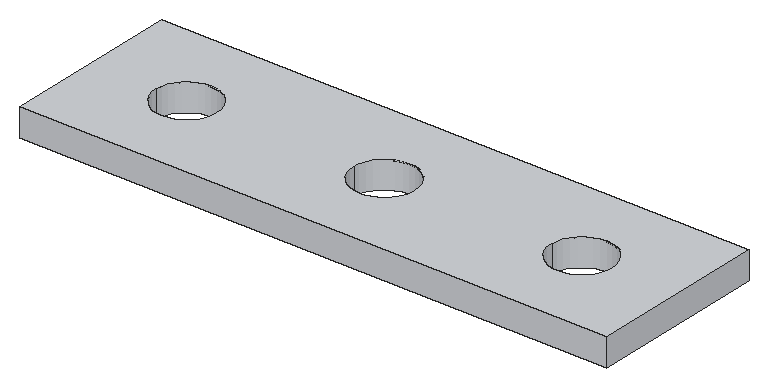
Revit family "Fitting-Flat_Plate-Unistrut-P1066", category Specialty Equipment, Revit 2012
Parameters (values of type "P1066")
  ecoScorecard_data = "http://products.ecoscorecard.com/atkore/P1066"
  ecoScorecard Product Page = "http://products.ecoscorecard.com/atkore/P1066?action=html"
  Weight Per Piece = 0.56 lbf
  Unit = none
  Unistrut Part Number = "P1066"  # constant formula
  URL = "http://unistrut.us/index.php"
  Thickness = 0' - 0 1/4"  # constant formula
  Subcategory = "Flat Plate Fittings"  # constant formula
  Product Page URL = "http://unistrut.us/index.php?WP=cat_detail&S=S05&P=P1066"
  Power Strut Part Number = "PS 602"  # constant formula
  Part Type = "Fitting"  # constant formula
  Overall Width = 0' - 1 5/8"  # constant formula
  Overall Length = 0' - 5 3/8"  # constant formula
  Model = "P1066"  # constant formula
  Material = ""
  Manufacturer Phone - Toll Free = "800-882-5543"  # constant formula
  Manufacturer Phone = "708-339-1610"  # constant formula
  Manufacturer Fax = "708-339-7814"  # constant formula
  Manufacturer Email = "mailto:jshaw@atkore.com"
  Manufacturer Address = "16100 South Lathrop Avenue, Harvey, IL 60426"  # constant formula
  Manufacturer = "Unistrut by Atkore International"  # constant formula
  Load Capacity Note = "Visit the product page for load application and capacity."  # constant formula
  Literature URL = "http://unistrut.us/index.php?WP=LItLibrary"
  Hole Diameter = 0' - 0 9/16"
  Cost Info = "mailto:jshaw@atkore.com"
  CAD URL = "http://unistrut.us/index.php?WP=CAD3d"
  Assembly Code = "D5020100"
  95 CSI = "16070"  # constant formula
  04 CSI = "26 05 48"  # constant formula
Reference planes (in)
  plane 1 "Center (Front/Back)": y = 0
  plane 2: z = 0
  plane 3 "Center (Left/Right)": x = 0
  plane 4: y = 0.8125
  plane 5: y = -0.8125
  plane 6: x = -2.6875
  plane 7: x = 2.6875
  plane 8: z = 0.25
  plane 9: x = 1.8125
  plane 10: x = -1.8125
Dimensions and locks (in)
  equal spacing: plane 6, plane 3 "Center (Left/Right)", plane 7
  "Overall Length": plane 6 to plane 7
  equal spacing: plane 4, plane 1 "Center (Front/Back)", plane 5
  "Overall Width": plane 4 to plane 5
  "Thickness": plane 8 to plane 2
  aligned and locked: level to plane 2
  aligned and locked: plane 3 "Center (Left/Right)" to nested 1
  aligned and locked: plane 1 "Center (Front/Back)" to nested 1
Nested families (in)
  nested 1: "1066" at (0, 0, 0), type "1066"
Definition of nested family "1066"
  Parameters (values of type "P166")
    Width = 0' - 1 5/8"
    Unit = none
    Thickness = 0' - 0 1/4"
    Radiuis = Diameter / 2  # 0' - 0 9/32"
    Length = 0' - 5 3/8"
    Diameter = 0' - 0 9/16"
  Reference planes (in)
    plane 1 "Center (Front/Back)": y = 0
    plane 2: z = 0
    plane 3 "Center (Left/Right)": x = 0
    plane 4: y = 0.8125
    plane 5: y = -0.8125
    plane 6: x = -2.6875
    plane 7: x = 2.6875
    plane 8: z = 0.25
    plane 9: x = -1.8125
    plane 10: x = 1.8125
    plane 11: z = 0.125
  Forms (in)
    Extrusion 1, solid, material <- "Unit"
      sketch origin (0, 0, 0) x (1, 0, 0) y (0, 1, 0)
        loop
          line (-2.6875, 0.8125) -> (-2.6875, -0.8125) -> (2.6875, -0.8125) -> (2.6875, 0.8125) -> (-2.6875, 0.8125)
        loop
          circle (0, 0) r 0.28125
        loop
          circle (1.8125, 0) r 0.28125
        loop
          circle (-1.8125, 0) r 0.28125
      from 0 to 0.25
  Dimensions and locks (in)
    equal spacing: plane 6, plane 3 "Center (Left/Right)", plane 7
    "Length": plane 6 to plane 7
    equal spacing: plane 4, plane 1 "Center (Front/Back)", plane 5
    "Width": plane 4 to plane 5
    "Thickness": plane 8 to plane 2
    equal spacing: plane 8, plane 11, plane 2
    locked: plane 9 to plane 6 at 0.875
    locked: plane 10 to plane 7 at 0.875
    equal spacing: plane 10, plane 3 "Center (Left/Right)", plane 9
    "Radiuis": radius of Extrusion 1 sketch curve  (x3)
    aligned and locked: level to plane 2
    aligned and locked: Extrusion 1 sketch curve to plane 6
    aligned and locked: Extrusion 1 sketch curve to plane 4
    aligned and locked: plane 5 to Extrusion 1 sketch curve
    aligned and locked: plane 7 to Extrusion 1 sketch curve
    aligned and locked: plane 3 "Center (Left/Right)" to Extrusion 1 sketch curve
    aligned and locked: plane 1 "Center (Front/Back)" to Extrusion 1 sketch curve  (x3)
    aligned and locked: plane 10 to Extrusion 1 sketch curve
    aligned and locked: plane 9 to Extrusion 1 sketch curve
    aligned and locked: Extrusion 1 to level
    aligned and locked: plane 8 to Extrusion 1
